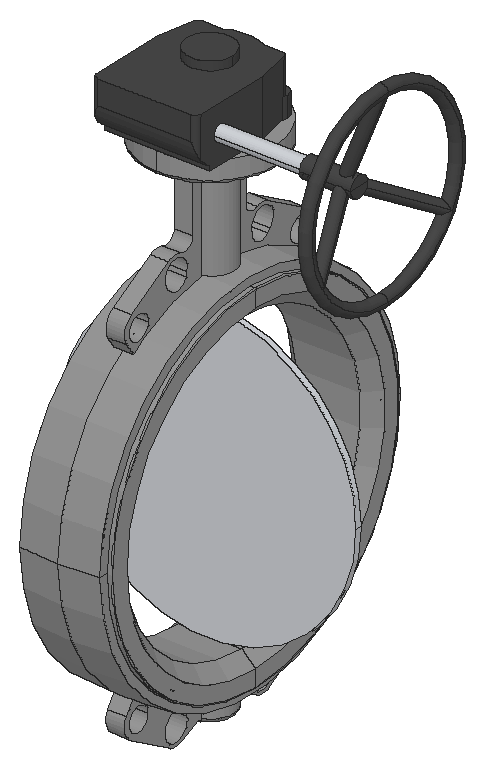
Revit family "HERZ Isolating Butterfly Valves ZF-4219 with lever", category Rohrzubehör, Revit 2018
Family settings
  Bemaßung runder Anschluss = Durchmesser verwenden
  Teiletyp = Unterbricht
  Arbeitsebenenbasiert = Nein
  Immer vertikal = Ja
  Beim Laden mit Abzugskörper schneiden = Nein
  Gemeinsam genutzt = Nein
Parameters
  Weight [instance] = size_lookup("4219_ZF_G", "M", 37.6, Nennweite)  # 37.6
  URL = "www.herzvalves.com"
  Spindle = "stainless steel ASTM-A276 / Type 316"  # constant formula
  Screws PN16 [instance] = if(Nennweite = 50 mm, "4x M16x100", if(Nennweite = 65 mm, "4x M16x100", if(Nennweite = 80 mm, "8x M16x100", if(Nennweite = 100 mm, "8x M16x110", if(Nennweite = 125 mm, "8x M16x120", if(Nennweite = 150 mm, "8x M20x120", if(Nennweite = 200 mm, "12x M20x130", if(Nennweite = 250 mm, "12x M24x140", "12x M24x160"))))))))  # "12x M24x160"
  Screws PN 6 [instance] = if(Nennweite = 50 mm, "4x M12x100", if(Nennweite = 65 mm, "4x M12x100", if(Nennweite = 80 mm, "4x M16x100", if(Nennweite = 100 mm, "4x M16x100", if(Nennweite = 125 mm, "8x M16x110", if(Nennweite = 150 mm, "8x M16x110", if(Nennweite = 200 mm, "--", if(Nennweite = 250 mm, "12x M16x130", "12xM16x140"))))))))  # "12xM16x140"
  Screws PN10 [instance] = if(Nennweite = 50 mm, "4x M16x100", if(Nennweite = 65 mm, "4x M16x100", if(Nennweite = 80 mm, "4x M16x100", if(Nennweite = 100 mm, "4x M16x110", if(Nennweite = 125 mm, "8x M16x120", if(Nennweite = 150 mm, "8x M20x120", if(Nennweite = 200 mm, "8x M20x130", if(Nennweite = 250 mm, "12x M20x130", "12x M20x150"))))))))  # "12x M20x150"
  SCTWSEQ = "FW;SBT_TYP_FW=\"101\";2"
  SCTWCODE = "04;07;02"  # constant formula
  SCRNSEQ = "ARM;ARM_TYP=\"ALLF\";2"
  SCRNCODE = "05;13;02"  # constant formula
  R_Dichtung = 1.5 mm  # constant formula
  Part number [instance] = size_lookup("4219_ZF_G", "Artnr", 1421901, Nennweite)  # 1421969
  PN16 [instance] = or(Nennweite = 50 mm, Nennweite = 65 mm, Nennweite = 80 mm, Nennweite = 100 mm, Nennweite = 125 mm, Nennweite = 150 mm, Nennweite = 200 mm, Nennweite = 250 mm, Nennweite = 300 mm)  # yes
  PN10 [instance] = or(Nennweite = 50 mm, Nennweite = 65 mm, Nennweite = 80 mm, Nennweite = 100 mm, Nennweite = 125 mm, Nennweite = 150 mm, Nennweite = 200 mm, Nennweite = 250 mm, Nennweite = 300 mm)  # yes
  PN 6 [instance] = or(Nennweite = 50 mm, Nennweite = 65 mm, Nennweite = 80 mm, Nennweite = 100 mm, Nennweite = 125 mm, Nennweite = 150 mm, Nennweite = 250 mm, Nennweite = 300 mm)  # yes
  PN [instance] = 16  # constant formula
  O-Ring = "EPDM according to ISO 1691"  # constant formula
  Nennweite [instance] = 300 mm
  Min. operating temperature = "-20.00 °C with appropriate water-glycol mixture"  # constant formula
  Medium = "Heating water quality according ÖNORM H5195 or VDI-Standard 2035. The use of ethylene or propylene glycol in a\nmixing ratio 25- 50% is allowed."
  Max. operating temperature = 110 °C  # constant formula
  LO1 [instance] = R05 + 10 mm  # 193 mm
  L16 [instance] = L01 - L13  # 299 mm
  L15 [instance] = L01 + L12  # 328 mm
  L14 [instance] = size_lookup("4219_ZF_G", "L_14", 44.4 mm, Nennweite)  # 89.4 mm
  L13 [instance] = size_lookup("4219_ZF_G", "L_13", 15 mm, Nennweite)  # 9 mm
  L12 [instance] = size_lookup("4219_ZF_G", "L_12", 15 mm, Nennweite)  # 20 mm
  L11 [instance] = size_lookup("4219_ZF_G", "L_11", 15 mm, Nennweite)  # 23 mm
  L10 [instance] = size_lookup("4219_ZF_G", "L_10", 16 mm, Nennweite)  # 16 mm
  L09 [instance] = size_lookup("4219_ZF_G", "L9", 29 mm, Nennweite)  # 61 mm
  L08 [instance] = size_lookup("4219_ZF_G", "L8", 43 mm, Nennweite)  # 78 mm
  L07 [instance] = size_lookup("4219_ZF_G", "L7", 3.5 mm, Nennweite)  # 4.5 mm
  L06 [instance] = size_lookup("4219_ZF_G", "L6", 18 mm, Nennweite)  # 44 mm
  L05 [instance] = size_lookup("4219_ZF_G", "L5", 35 mm, Nennweite)  # 67 mm
  L04 [instance] = size_lookup("4219_ZF_G", "L4", 35 mm, Nennweite)  # 17.5 mm
  L03 [instance] = size_lookup("4219_ZF_G", "L3", 35 mm, Nennweite)  # 207.5 mm
  L02 [instance] = size_lookup("4219_ZF_G", "L2", 35 mm, Nennweite)  # 122 mm
  L01 [instance] = size_lookup("4219_ZF_G", "L1", 35 mm, Nennweite)  # 308 mm
  Hersteller = "HERZ Armaturen Ges.m.b.H."  # constant formula
  H [instance] = size_lookup("4219_ZF_G", "H1", 9 mm, Nennweite)  # 22 mm
  Flange = "according to EN1092-2"  # constant formula
  Einbaudatum [instance] = ""
  Troque in Nm [instance] = size_lookup("4219_ZF_G", "NM", 350, Nennweite)  # 350
  Disc = "stainless steel 1.4408"  # constant formula
  DN300 [instance] = Nennweite = 300 mm  # yes
  DN250 [instance] = Nennweite = 250 mm  # no
  DN200 [instance] = Nennweite = 200 mm  # no
  DN150 [instance] = Nennweite = 150 mm  # no
  DN125 [instance] = Nennweite = 125 mm  # no
  DN100 [instance] = Nennweite = 100 mm  # no
  DN 80 [instance] = Nennweite = 80 mm  # no
  DN 65 [instance] = Nennweite = 65 mm  # no
  DN 50 [instance] = Nennweite = 50 mm  # no
  Chargennummer [instance] = ""
  Body sealing = "EPDM according to ISO 1691"  # constant formula
  Body = "GG, GJL-250/JL1040, according to EN1561"  # constant formula
  BD [instance] = size_lookup("4219_ZF_G", "DB", 24 mm, Nennweite)  # 290 mm
  D09 [instance] = size_lookup("4219_ZF_G", "D9", 24 mm, Nennweite)  # 145 mm
  D08 [instance] = size_lookup("4219_ZF_G", "D8", 47 mm, Nennweite)  # 18 mm
  D07 [instance] = size_lookup("4219_ZF_G", "D7", 47 mm, Nennweite)  # 37.5 mm
  D06 [instance] = size_lookup("4219_ZF_G", "D6", 47 mm, Nennweite)  # 65 mm
  R05 [instance] = size_lookup("4219_ZF_G", "D5", 47 mm, Nennweite)  # 183 mm
  D05 [instance] = R05 * 2  # 366 mm
  D04 [instance] = size_lookup("4219_ZF_G", "D4", 41 mm, Nennweite)  # 175 mm
  D03 [instance] = size_lookup("4219_ZF_G", "D3", 35.5 mm, Nennweite)  # 167.5 mm
  R01 [instance] = size_lookup("4219_ZF_G", "D1", 28 mm, Nennweite)  # 154.5 mm
  R02 [instance] = size_lookup("4219_ZF_G", "D2", 30 mm, Nennweite)  # 156.5 mm
  Application = "Suitable for fluids in building services, cold water systems, hot water saystems, etc."
Reference planes
  plane 1 "Mitte (Vorne/hinten)": y = 0
  plane 2: z = 0
  plane 3 "Mitte (Links/rechts)": x = 0
Forms (mm)
  Revolve 1, solid, material "Herz-Metall-blau", detail levels fine
    sketch origin (0, 0, 0) x (1, 0, 0) y (0, 1, 0)
      loop
        line (0, 185.241) -> (-39, 183) -> (-39, 175) -> (-30.5, 175) -> (-30.5, 167.5) -> (-32, 167.5)
        arc (-32, 167.5) -> (-33.061, 167.061) -> (-33.5, 166) r 1.5
        line (-33.5, 166) -> (-33.5, 156.824)
        arc (-33.5, 156.824) -> (-33.229, 155.964) -> (-32.513, 155.415) r 1.5
        line (-32.513, 155.415) -> (-29, 154.5) -> (-22, 154.5) -> (-22, 156.5) -> (22, 156.5) -> (22, 154.5) -> (29, 154.5) -> (32.513, 155.415)
        arc (32.513, 155.415) -> (33.229, 155.964) -> (33.5, 156.824) r 1.5
        line (33.5, 156.824) -> (33.5, 166)
        arc (33.5, 166) -> (33.061, 167.061) -> (32, 167.5) r 1.5
        line (32, 167.5) -> (30.5, 167.5) -> (30.5, 175) -> (39, 175) -> (39, 183) -> (0, 185.241)
      axis (39, 0) -> (-39, 0)
    angle from 0 to 360
  Extrusion 2, solid, material "Herz-Metall-blau", visible <- "DN 50", detail levels fine
    sketch origin (0, 0, 0) x (0, 1, 0) y (0, 0, 1)
      loop
        line (20, 54.051) -> (20.008, 111.113) -> (16.897, 110.952)
        arc (16.897, 110.952) -> (15.55, 110.331) -> (15, 108.954) r 2
        line (15, 108.954) -> (15, 44.542)
        arc (15, 44.542) -> (31.465, 34.913) -> (42.748, 19.534) r 47
        arc (42.748, 19.534) -> (42.633, 20.873) -> (43.392, 21.983) r 2
        line (43.392, 21.983) -> (54.714, 30.209)
        arc (54.714, 30.209) -> (56.569, 56.569) -> (30.209, 54.714) r 17.5
        line (30.209, 54.714) -> (27.87, 51.494)
        arc (27.87, 51.494) -> (23.006, 49.914) -> (20, 54.051) r 4.35
      loop
        arc (32.065, 41.998) -> (33.588, 33.588) -> (41.998, 32.065) r 7.5
        line (41.998, 32.065) -> (48.502, 35.17)
        arc (48.502, 35.17) -> (51.265, 51.265) -> (35.17, 48.502) r 10
        line (35.17, 48.502) -> (32.065, 41.998)
      loop
        arc (-20, 54.051) -> (-23.006, 49.914) -> (-27.87, 51.494) r 4.35
        line (-27.87, 51.494) -> (-30.209, 54.714)
        arc (-30.209, 54.714) -> (-56.569, 56.569) -> (-54.714, 30.209) r 17.5
        line (-54.714, 30.209) -> (-43.392, 21.983)
        arc (-43.392, 21.983) -> (-42.633, 20.873) -> (-42.748, 19.534) r 2
        arc (-42.748, 19.534) -> (-31.465, 34.913) -> (-15, 44.542) r 47
        line (-15, 44.542) -> (-15, 108.954)
        arc (-15, 108.954) -> (-15.55, 110.331) -> (-16.897, 110.952) r 2
        line (-16.897, 110.952) -> (-20.008, 111.113) -> (-20, 54.051)
      loop
        line (-32.065, 41.998) -> (-35.17, 48.502)
        arc (-35.17, 48.502) -> (-51.265, 51.265) -> (-48.502, 35.17) r 10
        line (-48.502, 35.17) -> (-41.998, 32.065)
        arc (-41.998, 32.065) -> (-33.588, 33.588) -> (-32.065, 41.998) r 7.5
      loop
        line (32.065, -41.998) -> (35.17, -48.502)
        arc (35.17, -48.502) -> (51.265, -51.265) -> (48.502, -35.17) r 10
        line (48.502, -35.17) -> (41.998, -32.065)
        arc (41.998, -32.065) -> (33.588, -33.588) -> (32.065, -41.998) r 7.5
      loop
        line (54.714, -30.209) -> (43.392, -21.983)
        arc (43.392, -21.983) -> (42.633, -20.873) -> (42.748, -19.534) r 2
        arc (42.748, -19.534) -> (33.234, -33.234) -> (19.534, -42.748) r 47
        arc (19.534, -42.748) -> (20.873, -42.633) -> (21.983, -43.392) r 2
        line (21.983, -43.392) -> (30.209, -54.714)
        arc (30.209, -54.714) -> (56.569, -56.569) -> (54.714, -30.209) r 17.5
      loop
        arc (-32.065, -41.998) -> (-33.588, -33.588) -> (-41.998, -32.065) r 7.5
        line (-41.998, -32.065) -> (-48.502, -35.17)
        arc (-48.502, -35.17) -> (-51.265, -51.265) -> (-35.17, -48.502) r 10
        line (-35.17, -48.502) -> (-32.065, -41.998)
      loop
        arc (-54.714, -30.209) -> (-56.569, -56.569) -> (-30.209, -54.714) r 17.5
        line (-30.209, -54.714) -> (-21.983, -43.392)
        arc (-21.983, -43.392) -> (-20.873, -42.633) -> (-19.534, -42.748) r 2
        arc (-19.534, -42.748) -> (-33.234, -33.234) -> (-42.748, -19.534) r 47
        arc (-42.748, -19.534) -> (-42.633, -20.873) -> (-43.392, -21.983) r 2
        line (-43.392, -21.983) -> (-54.714, -30.209)
    from -4.5 to 4.5
  Extrusion 3, solid, material "Herz-Metall-blau", visible <- "DN 65", detail levels fine
    sketch origin (0, 0, 0) x (0, 1, 0) y (0, 0, 1)
      loop
        arc (51.659, 21.619) -> (51.541, 22.778) -> (52.089, 23.805) r 2
        line (52.089, 23.805) -> (65.407, 37.123)
        arc (65.407, 37.123) -> (65.407, 65.407) -> (37.123, 65.407) r 20
        line (37.123, 65.407) -> (29.414, 57.699)
        arc (29.414, 57.699) -> (27.235, 57.265) -> (26, 59.113) r 2
        line (26, 59.113) -> (26, 136.154) -> (19.897, 135.838)
        arc (19.897, 135.838) -> (18.55, 135.218) -> (18, 133.841) r 2
        line (18, 133.841) -> (18, 53.028)
        arc (18, 53.028) -> (38.206, 40.942) -> (51.659, 21.619) r 56
      loop
        arc (55.637, 42.831) -> (57.983, 57.983) -> (42.831, 55.637) r 9.5
        line (42.831, 55.637) -> (39.647, 48.983)
        arc (39.647, 48.983) -> (41.012, 41.012) -> (48.983, 39.647) r 7
        line (48.983, 39.647) -> (55.637, 42.831)
      loop
        arc (51.659, -21.619) -> (39.598, -39.598) -> (21.619, -51.659) r 56
        arc (21.619, -51.659) -> (22.778, -51.541) -> (23.805, -52.089) r 2
        line (23.805, -52.089) -> (37.123, -65.407)
        arc (37.123, -65.407) -> (65.407, -65.407) -> (65.407, -37.123) r 20
        line (65.407, -37.123) -> (52.089, -23.805)
        arc (52.089, -23.805) -> (51.541, -22.778) -> (51.659, -21.619) r 2
      loop
        line (55.637, -42.831) -> (48.983, -39.647)
        arc (48.983, -39.647) -> (41.012, -41.012) -> (39.647, -48.983) r 7
        line (39.647, -48.983) -> (42.831, -55.637)
        arc (42.831, -55.637) -> (57.983, -57.983) -> (55.637, -42.831) r 9.5
      loop
        arc (-51.659, -21.619) -> (-51.541, -22.778) -> (-52.089, -23.805) r 2
        line (-52.089, -23.805) -> (-65.407, -37.123)
        arc (-65.407, -37.123) -> (-65.407, -65.407) -> (-37.123, -65.407) r 20
        line (-37.123, -65.407) -> (-23.805, -52.089)
        arc (-23.805, -52.089) -> (-22.778, -51.541) -> (-21.619, -51.659) r 2
        arc (-21.619, -51.659) -> (-39.598, -39.598) -> (-51.659, -21.619) r 56
      loop
        arc (-55.637, -42.831) -> (-57.983, -57.983) -> (-42.831, -55.637) r 9.5
        line (-42.831, -55.637) -> (-39.647, -48.983)
        arc (-39.647, -48.983) -> (-41.012, -41.012) -> (-48.983, -39.647) r 7
        line (-48.983, -39.647) -> (-55.637, -42.831)
      loop
        arc (-51.659, 21.619) -> (-38.206, 40.942) -> (-18, 53.028) r 56
        line (-18, 53.028) -> (-18, 133.838)
        arc (-18, 133.838) -> (-18.55, 135.215) -> (-19.897, 135.835) r 2
        line (-19.897, 135.835) -> (-26, 136.151) -> (-26, 59.113)
        arc (-26, 59.113) -> (-27.235, 57.265) -> (-29.414, 57.699) r 2
        line (-29.414, 57.699) -> (-37.123, 65.407)
        arc (-37.123, 65.407) -> (-65.407, 65.407) -> (-65.407, 37.123) r 20
        line (-65.407, 37.123) -> (-52.089, 23.805)
        arc (-52.089, 23.805) -> (-51.541, 22.778) -> (-51.659, 21.619) r 2
      loop
        line (-55.637, 42.831) -> (-48.983, 39.647)
        arc (-48.983, 39.647) -> (-41.012, 41.012) -> (-39.647, 48.983) r 7
        line (-39.647, 48.983) -> (-42.831, 55.637)
        arc (-42.831, 55.637) -> (-57.983, 57.983) -> (-55.637, 42.831) r 9.5
    from -4.5 to 4.5
  Extrusion 4, solid, material "Herz-Metall-blau", visible <- "DN 80", detail levels fine
    sketch origin (0, 0, 0) x (0, 1, 0) y (0, 0, 1)
      loop
        line (26, 143.161) -> (20.397, 142.871)
        arc (20.397, 142.871) -> (19.05, 142.251) -> (18.5, 140.874) r 2
        line (18.5, 140.874) -> (18.5, 62.833)
        arc (18.5, 62.833) -> (41.296, 50.842) -> (57.706, 30.989) r 65.5
        arc (57.706, 30.989) -> (57.482, 32.176) -> (57.983, 33.275) r 2
        line (57.983, 33.275) -> (67.23, 43.52)
        arc (67.23, 43.52) -> (70.328, 54.798) -> (65.407, 65.407) r 17
        line (65.407, 65.407) -> (42.005, 86.53)
        arc (42.005, 86.53) -> (37.832, 89.302) -> (33.031, 90.738) r 17
        arc (33.031, 90.738) -> (27.974, 93.895) -> (26, 99.52) r 9
        line (26, 99.52) -> (26, 143.161)
      loop
        circle (30.615, 73.91) r 9.5
      loop
        circle (53.387, 53.387) r 9.5
      loop
        arc (57.706, -30.989) -> (41.296, -50.842) -> (18.5, -62.833) r 65.5
        line (18.5, -62.833) -> (18.5, -85.837)
        arc (18.5, -85.837) -> (30.113, -90.903) -> (42.005, -86.53) r 17
        line (42.005, -86.53) -> (65.407, -65.407)
        arc (65.407, -65.407) -> (70.328, -54.798) -> (67.23, -43.52) r 17
        line (67.23, -43.52) -> (57.983, -33.275)
        arc (57.983, -33.275) -> (57.482, -32.176) -> (57.706, -30.989) r 2
      loop
        circle (30.615, -73.91) r 9.5
      loop
        circle (53.387, -53.387) r 9.5
      loop
        arc (-57.706, -30.989) -> (-57.482, -32.176) -> (-57.983, -33.275) r 2
        line (-57.983, -33.275) -> (-67.23, -43.52)
        arc (-67.23, -43.52) -> (-70.328, -54.798) -> (-65.407, -65.407) r 17
        line (-65.407, -65.407) -> (-42.005, -86.53)
        arc (-42.005, -86.53) -> (-30.113, -90.903) -> (-18.5, -85.837) r 17
        line (-18.5, -85.837) -> (-18.5, -62.833)
        arc (-18.5, -62.833) -> (-41.296, -50.842) -> (-57.706, -30.989) r 65.5
      loop
        circle (-30.615, -73.91) r 9.5
      loop
        circle (-53.387, -53.387) r 9.5
      loop
        line (-26, 143.179) -> (-26, 99.52)
        arc (-26, 99.52) -> (-27.974, 93.895) -> (-33.031, 90.738) r 9
        arc (-33.031, 90.738) -> (-37.832, 89.302) -> (-42.005, 86.53) r 17
        line (-42.005, 86.53) -> (-65.407, 65.407)
        arc (-65.407, 65.407) -> (-70.328, 54.798) -> (-67.23, 43.52) r 17
        line (-67.23, 43.52) -> (-57.983, 33.275)
        arc (-57.983, 33.275) -> (-57.482, 32.176) -> (-57.706, 30.989) r 2
        arc (-57.706, 30.989) -> (-41.296, 50.842) -> (-18.5, 62.833) r 65.5
        line (-18.5, 62.833) -> (-18.5, 140.891)
        arc (-18.5, 140.891) -> (-19.05, 142.268) -> (-20.397, 142.888) r 2
        line (-20.397, 142.888) -> (-26, 143.179)
      loop
        circle (-30.615, 73.91) r 9.5
      loop
        circle (-53.387, 53.387) r 9.5
    from -4.5 to 4.5
  Extrusion 5, solid, material "Herz-Metall-blau", visible <- "DN100", detail levels fine
    sketch origin (0, 0, 0) x (0, 1, 0) y (0, 0, 1)
      loop
        line (64.131, 38.887) -> (73.681, 49.873)
        arc (73.681, 49.873) -> (77.063, 61.29) -> (72.125, 72.125) r 17
        line (72.125, 72.125) -> (45.809, 95.79)
        arc (45.809, 95.79) -> (41.366, 98.675) -> (36.25, 100.053) r 17
        arc (36.25, 100.053) -> (28.882, 104.596) -> (26, 112.759) r 13
        line (26, 112.759) -> (26, 166.173) -> (20.397, 165.883)
        arc (20.397, 165.883) -> (19.05, 165.263) -> (18.5, 163.886) r 2
        line (18.5, 163.886) -> (18.5, 72.683)
        arc (18.5, 72.683) -> (44.637, 60.27) -> (64.131, 38.887) r 75
      loop
        circle (60.104, 60.104) r 9.5
      loop
        circle (34.442, 83.149) r 9.5
      loop
        arc (64.131, -38.887) -> (44.637, -60.27) -> (18.5, -72.683) r 75
        line (18.5, -72.683) -> (18.5, -95.329)
        arc (18.5, -95.329) -> (21.473, -95.603) -> (24.233, -96.743) r 10
        arc (24.233, -96.743) -> (35.191, -100.133) -> (45.809, -95.79) r 17
        line (45.809, -95.79) -> (72.125, -72.125)
        arc (72.125, -72.125) -> (77.063, -61.29) -> (73.681, -49.873) r 17
        line (73.681, -49.873) -> (64.131, -38.887)
      loop
        circle (60.104, -60.104) r 9.5
      loop
        circle (34.442, -83.149) r 9.5
      loop
        line (-64.131, -38.887) -> (-73.681, -49.873)
        arc (-73.681, -49.873) -> (-77.063, -61.29) -> (-72.125, -72.125) r 17
        line (-72.125, -72.125) -> (-45.809, -95.79)
        arc (-45.809, -95.79) -> (-35.191, -100.133) -> (-24.233, -96.743) r 17
        arc (-24.233, -96.743) -> (-21.473, -95.603) -> (-18.5, -95.329) r 10
        line (-18.5, -95.329) -> (-18.5, -72.683)
        arc (-18.5, -72.683) -> (-44.637, -60.27) -> (-64.131, -38.887) r 75
      loop
        circle (-60.104, -60.104) r 9.5
      loop
        circle (-34.442, -83.149) r 9.5
      loop
        arc (-64.131, 38.887) -> (-44.637, 60.27) -> (-18.5, 72.683) r 75
        line (-18.5, 72.683) -> (-18.5, 163.876)
        arc (-18.5, 163.876) -> (-19.05, 165.253) -> (-20.397, 165.873) r 2
        line (-20.397, 165.873) -> (-26, 166.164) -> (-26, 112.759)
        arc (-26, 112.759) -> (-28.882, 104.596) -> (-36.25, 100.053) r 13
        arc (-36.25, 100.053) -> (-41.366, 98.675) -> (-45.809, 95.79) r 17
        line (-45.809, 95.79) -> (-72.125, 72.125)
        arc (-72.125, 72.125) -> (-77.063, 61.29) -> (-73.681, 49.873) r 17
        line (-73.681, 49.873) -> (-64.131, 38.887)
      loop
        circle (-60.104, 60.104) r 9.5
      loop
        circle (-34.442, 83.149) r 9.5
    from -4.5 to 4.5
  Extrusion 6, solid, material "Herz-Metall-blau", visible <- "DN125", detail levels fine
    sketch origin (0, 0, 0) x (0, 1, 0) y (0, 0, 1)
      loop
        arc (75.229, 48.945) -> (74.917, 50.244) -> (75.492, 51.45) r 2
        line (75.492, 51.45) -> (82.731, 58.69)
        arc (82.731, 58.69) -> (87.711, 70.711) -> (82.731, 82.731) r 17
        line (82.731, 82.731) -> (51.291, 109.875)
        arc (51.291, 109.875) -> (46.108, 112.941) -> (40.182, 114.007) r 17
        line (40.182, 114.007) -> (38, 114.007)
        arc (38, 114.007) -> (29.515, 117.522) -> (26, 126.007) r 12
        line (26, 126.007) -> (26, 185.157) -> (20.397, 184.867)
        arc (20.397, 184.867) -> (19.05, 184.246) -> (18.5, 182.869) r 2
        line (18.5, 182.869) -> (18.5, 87.823)
        arc (18.5, 87.823) -> (50.736, 74.033) -> (75.229, 48.945) r 89.75
      loop
        circle (40.182, 97.007) r 9.5
      loop
        circle (70.711, 70.711) r 9.5
      loop
        arc (75.229, -48.945) -> (50.736, -74.033) -> (18.5, -87.823) r 89.75
        line (18.5, -87.823) -> (18.5, -108.431)
        arc (18.5, -108.431) -> (24.248, -107.655) -> (29.46, -110.2) r 10
        arc (29.46, -110.2) -> (40.434, -114.005) -> (51.291, -109.875) r 17
        line (51.291, -109.875) -> (82.731, -82.731)
        arc (82.731, -82.731) -> (87.711, -70.711) -> (82.731, -58.69) r 17
        line (82.731, -58.69) -> (75.492, -51.45)
        arc (75.492, -51.45) -> (74.917, -50.244) -> (75.229, -48.945) r 2
      loop
        circle (40.182, -97.007) r 9.5
      loop
        circle (70.711, -70.711) r 9.5
      loop
        arc (-75.229, -48.945) -> (-74.917, -50.244) -> (-75.492, -51.45) r 2
        line (-75.492, -51.45) -> (-82.731, -58.69)
        arc (-82.731, -58.69) -> (-87.711, -70.711) -> (-82.731, -82.731) r 17
        line (-82.731, -82.731) -> (-51.291, -109.875)
        arc (-51.291, -109.875) -> (-40.434, -114.005) -> (-29.46, -110.2) r 17
        arc (-29.46, -110.2) -> (-24.248, -107.655) -> (-18.5, -108.431) r 10
        line (-18.5, -108.431) -> (-18.5, -87.823)
        arc (-18.5, -87.823) -> (-50.736, -74.033) -> (-75.229, -48.945) r 89.75
      loop
        circle (-40.182, -97.007) r 9.5
      loop
        circle (-70.711, -70.711) r 9.5
      loop
        arc (-75.229, 48.945) -> (-50.736, 74.033) -> (-18.5, 87.823) r 89.75
        line (-18.5, 87.823) -> (-18.5, 182.852)
        arc (-18.5, 182.852) -> (-19.05, 184.23) -> (-20.397, 184.85) r 2
        line (-20.397, 184.85) -> (-26, 185.14) -> (-26, 126.007)
        arc (-26, 126.007) -> (-29.515, 117.522) -> (-38, 114.007) r 12
        line (-38, 114.007) -> (-40.182, 114.007)
        arc (-40.182, 114.007) -> (-46.108, 112.941) -> (-51.291, 109.875) r 17
        line (-51.291, 109.875) -> (-82.731, 82.731)
        arc (-82.731, 82.731) -> (-87.711, 70.711) -> (-82.731, 58.69) r 17
        line (-82.731, 58.69) -> (-75.492, 51.45)
        arc (-75.492, 51.45) -> (-74.917, 50.244) -> (-75.229, 48.945) r 2
      loop
        circle (-40.182, 97.007) r 9.5
      loop
        circle (-70.711, 70.711) r 9.5
    from -6 to 6
  Extrusion 7, solid, material "Herz-Metall-blau", visible <- "DN150", detail levels fine
    sketch origin (0, 0, 0) x (0, 1, 0) y (0, 0, 1)
      loop
        line (83.495, 59.454) -> (91.57, 67.529)
        arc (91.57, 67.529) -> (96.55, 79.55) -> (91.57, 91.57) r 17
        line (91.57, 91.57) -> (57.511, 123.304)
        arc (57.511, 123.304) -> (45.758, 127.865) -> (34.095, 123.077) r 17
        arc (34.095, 123.077) -> (28.976, 122.416) -> (26, 126.633) r 5
        line (26, 126.633) -> (26, 198.177) -> (20.397, 197.887)
        arc (20.397, 197.887) -> (19.05, 197.267) -> (18.5, 195.889) r 2
        line (18.5, 195.889) -> (18.5, 100.817)
        arc (18.5, 100.817) -> (55.032, 86.474) -> (83.495, 59.454) r 102.5
      loop
        circle (45.922, 110.866) r 11.5
      loop
        circle (79.55, 79.55) r 9.5
      loop
        circle (45.922, -110.866) r 11.5
      loop
        circle (79.55, -79.55) r 9.5
      loop
        line (91.57, -67.529) -> (83.495, -59.454)
        arc (83.495, -59.454) -> (55.032, -86.474) -> (18.5, -100.817) r 102.5
        line (18.5, -100.817) -> (18.5, -123.208)
        arc (18.5, -123.208) -> (19.363, -121.755) -> (21.03, -121.482) r 2
        line (21.03, -121.482) -> (42.642, -127.546)
        arc (42.642, -127.546) -> (50.587, -127.213) -> (57.511, -123.304) r 17
        line (57.511, -123.304) -> (91.57, -91.57)
        arc (91.57, -91.57) -> (96.55, -79.55) -> (91.57, -67.529) r 17
      loop
        arc (-83.495, 59.454) -> (-55.032, 86.474) -> (-18.5, 100.817) r 102.5
        line (-18.5, 100.817) -> (-18.5, 195.875)
        arc (-18.5, 195.875) -> (-19.05, 197.252) -> (-20.397, 197.872) r 2
        line (-20.397, 197.872) -> (-26, 198.163) -> (-26, 126.633)
        arc (-26, 126.633) -> (-28.976, 122.416) -> (-34.095, 123.077) r 5
        arc (-34.095, 123.077) -> (-45.758, 127.865) -> (-57.511, 123.304) r 17
        line (-57.511, 123.304) -> (-91.57, 91.57)
        arc (-91.57, 91.57) -> (-96.55, 79.55) -> (-91.57, 67.529) r 17
        line (-91.57, 67.529) -> (-83.495, 59.454)
      loop
        circle (-45.922, 110.866) r 11.5
      loop
        circle (-79.55, 79.55) r 9.5
      loop
        circle (-45.922, -110.866) r 11.5
      loop
        circle (-79.55, -79.55) r 9.5
      loop
        arc (-91.57, -67.529) -> (-96.55, -79.55) -> (-91.57, -91.57) r 17
        line (-91.57, -91.57) -> (-57.511, -123.304)
        arc (-57.511, -123.304) -> (-50.587, -127.213) -> (-42.642, -127.546) r 17
        line (-42.642, -127.546) -> (-21.03, -121.482)
        arc (-21.03, -121.482) -> (-19.363, -121.755) -> (-18.5, -123.208) r 2
        line (-18.5, -123.208) -> (-18.5, -100.817)
        arc (-18.5, -100.817) -> (-55.032, -86.474) -> (-83.495, -59.454) r 102.5
        line (-83.495, -59.454) -> (-91.57, -67.529)
    from -7 to 7
  Extrusion 8, solid, material "Herz-Metall-blau", visible <- "DN200", detail levels fine
    sketch origin (0, 0, 0) x (0, 1, 0) y (0, 0, 1)
      loop
        arc (42.048, 153.832) -> (26.654, 145.827) -> (35.349, 130.812) r 12
        line (35.349, 130.812) -> (53.31, 124.689)
        arc (53.31, 124.689) -> (67.804, 132.4) -> (61.038, 147.359) r 12
        line (61.038, 147.359) -> (42.048, 153.832)
      loop
        line (28, 226.273) -> (22.065, 226.047)
        arc (22.065, 226.047) -> (20.655, 225.469) -> (20, 224.092) r 2.114
        line (20, 224.092) -> (20, 129.471)
        arc (20, 129.471) -> (49.604, 121.273) -> (76.485, 106.406) r 130.989
        line (76.485, 106.406) -> (76.485, 136.265)
        arc (76.485, 136.265) -> (73.108, 147.391) -> (64.117, 154.764) r 20.019
        line (64.117, 154.764) -> (38.16, 163.592)
        arc (38.16, 163.592) -> (30.802, 169.06) -> (28, 177.79) r 15
        line (28, 177.79) -> (28, 226.273)
      loop
        line (42.048, -153.832) -> (61.038, -147.359)
        arc (61.038, -147.359) -> (67.804, -132.4) -> (53.31, -124.689) r 12
        line (53.31, -124.689) -> (35.349, -130.812)
        arc (35.349, -130.812) -> (26.654, -145.827) -> (42.048, -153.832) r 12
      loop
        arc (76.446, -106.382) -> (49.585, -121.253) -> (20, -129.464) r 131
        line (20, -129.464) -> (20, -141.835)
        arc (20, -141.835) -> (28.361, -158.099) -> (46.453, -160.765) r 20
        line (46.453, -160.765) -> (64.099, -154.75)
        arc (64.099, -154.75) -> (73.075, -147.384) -> (76.446, -136.272) r 20
        line (76.446, -136.272) -> (76.446, -106.382)
      loop
        arc (-42.048, -153.832) -> (-26.654, -145.827) -> (-35.349, -130.812) r 12
        line (-35.349, -130.812) -> (-53.31, -124.689)
        arc (-53.31, -124.689) -> (-67.804, -132.4) -> (-61.038, -147.359) r 12
        line (-61.038, -147.359) -> (-42.048, -153.832)
      loop
        line (-76.446, -106.382) -> (-76.446, -136.272)
        arc (-76.446, -136.272) -> (-73.075, -147.384) -> (-64.099, -154.75) r 20
        line (-64.099, -154.75) -> (-46.453, -160.765)
        arc (-46.453, -160.765) -> (-28.361, -158.099) -> (-20, -141.835) r 20
        line (-20, -141.835) -> (-20, -129.464)
        arc (-20, -129.464) -> (-49.585, -121.253) -> (-76.446, -106.382) r 131
      loop
        line (-42.048, 153.832) -> (-61.038, 147.359)
        arc (-61.038, 147.359) -> (-67.804, 132.4) -> (-53.31, 124.689) r 12
        line (-53.31, 124.689) -> (-35.349, 130.812)
        arc (-35.349, 130.812) -> (-26.654, 145.827) -> (-42.048, 153.832) r 12
      loop
        line (-28, 226.278) -> (-28, 177.79)
        arc (-28, 177.79) -> (-30.802, 169.06) -> (-38.16, 163.592) r 15
        line (-38.16, 163.592) -> (-64.117, 154.764)
        arc (-64.117, 154.764) -> (-73.108, 147.391) -> (-76.485, 136.265) r 20.019
        line (-76.485, 136.265) -> (-76.485, 106.406)
        arc (-76.485, 106.406) -> (-49.604, 121.273) -> (-20, 129.471) r 130.989
        line (-20, 129.471) -> (-20, 224.098)
        arc (-20, 224.098) -> (-20.655, 225.475) -> (-22.065, 226.053) r 2.114
        line (-22.065, 226.053) -> (-28, 226.278)
    from -7 to 7
  Extrusion 9, solid, material "Herz-Metall-blau", visible <- "DN250", detail levels fine
    sketch origin (0, 0, 0) x (0, 1, 0) y (0, 0, 1)
      loop
        arc (-95.9, 125.382) -> (-61.406, 145.382) -> (-23, 156.095) r 157.75
        line (-23, 156.095) -> (-23, 258.814)
        arc (-23, 258.814) -> (-23.588, 260.113) -> (-24.893, 260.69) r 2
        line (-24.893, 260.69) -> (-32, 261.058) -> (-32, 187.712)
        arc (-32, 187.712) -> (-33.507, 185.205) -> (-36.428, 185.359) r 2.84
        arc (-36.428, 185.359) -> (-43.951, 188.152) -> (-51.918, 187.184) r 17
        line (-51.918, 187.184) -> (-97.072, 155.872)
        arc (-97.072, 155.872) -> (-100.207, 149.167) -> (-100.195, 141.765) r 17
        line (-100.195, 141.765) -> (-95.9, 125.382)
      loop
        circle (-83.608, 145.492) r 9.5
      loop
        circle (-45.549, 171.269) r 14
      loop
        arc (96.192, -125.349) -> (61.575, -145.51) -> (23, -156.317) r 157.999
        line (23, -156.317) -> (23, -181.388) -> (27.217, -181.388)
        arc (27.217, -181.388) -> (30.142, -181.826) -> (32.812, -183.1) r 10
        line (32.812, -183.1) -> (36.428, -185.542)
        arc (36.428, -185.542) -> (44.468, -188.388) -> (52.878, -186.972) r 17
        line (52.878, -186.972) -> (97.463, -155.872)
        arc (97.463, -155.872) -> (100.598, -149.167) -> (100.586, -141.765) r 17
        line (100.586, -141.765) -> (96.192, -125.349)
      loop
        circle (84, -145.492) r 9.5
      loop
        circle (45.94, -171.452) r 14
      loop
        line (-96.192, -125.349) -> (-100.586, -141.765)
        arc (-100.586, -141.765) -> (-100.598, -149.167) -> (-97.463, -155.872) r 17
        line (-97.463, -155.872) -> (-52.878, -186.972)
        arc (-52.878, -186.972) -> (-44.468, -188.388) -> (-36.428, -185.542) r 17
        line (-36.428, -185.542) -> (-32.812, -183.1)
        arc (-32.812, -183.1) -> (-30.142, -181.826) -> (-27.217, -181.388) r 10
        line (-27.217, -181.388) -> (-23, -181.388) -> (-23, -156.317)
        arc (-23, -156.317) -> (-61.575, -145.51) -> (-96.192, -125.349) r 157.999
      loop
        circle (-84, -145.492) r 9.5
      loop
        circle (-45.94, -171.452) r 14
      loop
        line (95.9, 125.2) -> (100.195, 141.582)
        arc (100.195, 141.582) -> (100.207, 148.984) -> (97.072, 155.689) r 17
        line (97.072, 155.689) -> (51.919, 187.036)
        arc (51.919, 187.036) -> (43.952, 188.006) -> (36.428, 185.212) r 17
        arc (36.428, 185.212) -> (33.507, 185.058) -> (32, 187.566) r 2.84
        line (32, 187.566) -> (32, 261.045) -> (24.893, 260.677)
        arc (24.893, 260.677) -> (23.588, 260.1) -> (23, 258.801) r 2
        line (23, 258.801) -> (23, 155.948)
        arc (23, 155.948) -> (61.411, 145.223) -> (95.9, 125.2) r 157.605
      loop
        circle (83.608, 145.31) r 9.5
      loop
        circle (45.549, 171.122) r 14
    from -9 to 9
  Extrusion 10, solid, material "Herz-Metall-blau", visible <- "DN300", detail levels fine
    sketch origin (0, 0, 0) x (0, 1, 0) y (0, 0, 1)
      loop
        arc (62.57, 187.834) -> (56.268, 211.23) -> (39.112, 194.12) r 14
        line (39.112, 194.12) -> (40.223, 189.928)
        arc (40.223, 189.928) -> (48.374, 181.769) -> (59.504, 184.767) r 11.5
        line (59.504, 184.767) -> (62.57, 187.834)
      loop
        circle (98.337, 170.892) r 12
      loop
        arc (113.094, 162.454) -> (114.748, 175.326) -> (106.837, 185.615) r 17
        line (106.837, 185.615) -> (61.701, 211.919)
        arc (61.701, 211.919) -> (54.44, 214.463) -> (46.806, 213.516) r 16.852
        arc (46.806, 213.516) -> (36.904, 213.681) -> (32, 222.285) r 10
        line (32, 222.285) -> (32, 286.38) -> (24.895, 286.033)
        arc (24.895, 286.033) -> (23.576, 285.442) -> (23, 284.117) r 2
        line (23, 284.117) -> (23, 181.202)
        arc (23, 181.202) -> (65.613, 170.505) -> (104.437, 149.94) r 182.63
        line (104.437, 149.94) -> (113.094, 162.454)
      loop
        line (62.984, -188.142) -> (59.917, -185.075)
        arc (59.917, -185.075) -> (48.787, -182.077) -> (40.637, -190.235) r 11.5
        line (40.637, -190.235) -> (39.525, -194.427)
        arc (39.525, -194.427) -> (56.681, -211.538) -> (62.984, -188.142) r 14
      loop
        circle (98.75, -171.04) r 12
      loop
        line (113.508, -162.601) -> (104.75, -150.055)
        arc (104.75, -150.055) -> (65.787, -170.766) -> (23, -181.549) r 183
        line (23, -181.549) -> (23, -206.327)
        arc (23, -206.327) -> (24.157, -204.218) -> (26.558, -204.062) r 2.5
        line (26.558, -204.062) -> (45.918, -213.443)
        arc (45.918, -213.443) -> (53.906, -214.994) -> (61.701, -212.654) r 17
        line (61.701, -212.654) -> (107.25, -185.762)
        arc (107.25, -185.762) -> (115.162, -175.474) -> (113.508, -162.601) r 17
      loop
        arc (-62.984, -188.142) -> (-56.681, -211.538) -> (-39.525, -194.427) r 14
        line (-39.525, -194.427) -> (-40.637, -190.235)
        arc (-40.637, -190.235) -> (-48.787, -182.077) -> (-59.917, -185.075) r 11.5
        line (-59.917, -185.075) -> (-62.984, -188.142)
      loop
        circle (-98.75, -171.04) r 12
      loop
        arc (-113.508, -162.601) -> (-115.162, -175.474) -> (-107.25, -185.762) r 17
        line (-107.25, -185.762) -> (-61.701, -212.654)
        arc (-61.701, -212.654) -> (-53.906, -214.994) -> (-45.918, -213.443) r 17
        line (-45.918, -213.443) -> (-26.558, -204.062)
        arc (-26.558, -204.062) -> (-24.157, -204.218) -> (-23, -206.327) r 2.5
        line (-23, -206.327) -> (-23, -181.549)
        arc (-23, -181.549) -> (-65.787, -170.766) -> (-104.75, -150.055) r 183
        line (-104.75, -150.055) -> (-113.508, -162.601)
      loop
        line (-62.574, 188.142) -> (-59.508, 185.075)
        arc (-59.508, 185.075) -> (-48.378, 182.077) -> (-40.227, 190.235) r 11.5
        line (-40.227, 190.235) -> (-39.116, 194.427)
        arc (-39.116, 194.427) -> (-56.272, 211.538) -> (-62.574, 188.142) r 14
      loop
        circle (-98.34, 171.04) r 12
      loop
        line (-113.098, 162.601) -> (-104.44, 150.087)
        arc (-104.44, 150.087) -> (-65.611, 170.637) -> (-23, 181.326) r 182.753
        line (-23, 181.326) -> (-23, 284.115)
        arc (-23, 284.115) -> (-23.577, 285.441) -> (-24.896, 286.032) r 2
        line (-24.896, 286.032) -> (-32, 286.379) -> (-32, 222.593)
        arc (-32, 222.593) -> (-37.217, 213.811) -> (-47.425, 214.193) r 10
        arc (-47.425, 214.193) -> (-54.523, 214.911) -> (-61.291, 212.654) r 17
        line (-61.291, 212.654) -> (-106.84, 185.762)
        arc (-106.84, 185.762) -> (-114.752, 175.474) -> (-113.098, 162.601) r 17
    from -9 to 9
  Revolve 11, solid, material "Herz-Metall-blau"
    sketch origin (0, 0, 0) x (0, 1, 0) y (0, 0, 1)
      loop
        line (0, -183) -> (0, -207.5) -> (20, -207.5)
        arc (20, -207.5) -> (22.121, -206.621) -> (23, -204.5) r 3
        line (23, -204.5) -> (23, -181.549)
        arc (23, -181.549) -> (11.523, -182.637) -> (0, -183) r 183
      axis (0, -181.549) -> (0, -207.5)
    angle from 0 to 360
  Revolve 12, solid, material "Herz-Metall-blau"
    sketch origin (0, 0, 0) x (0, 1, 0) y (0, 0, 1)
      loop
        line (0, 299) -> (0, 183)
        arc (0, 183) -> (11.523, 182.637) -> (23, 181.549) r 183
        line (23, 181.549) -> (23, 284)
        arc (23, 284) -> (23.549, 285.377) -> (24.895, 285.998) r 2
        line (24.895, 285.998) -> (63.105, 288)
        arc (63.105, 288) -> (64.451, 288.621) -> (65, 289.997) r 2
        line (65, 289.997) -> (65, 308) -> (37.5, 308) -> (37.5, 299) -> (0, 299)
      axis (0, 308) -> (0, 181.549)
    angle from 0 to 360
  Revolve 13, solid, material "Gummi"
    sketch origin (0, 0, 0) x (1, 0, 0) y (0, 0, 1)
      loop
        arc (-43.208, 175) -> (-44.263, 174.563) -> (-44.7, 173.508) r 1.492
        line (-44.7, 173.508) -> (-44.7, 156.718) -> (-30.5, 145) -> (30.5, 145) -> (44.7, 157.945) -> (44.7, 174)
        arc (44.7, 174) -> (44.407, 174.707) -> (43.7, 175) r 1
        line (43.7, 175) -> (30.5, 175) -> (30.5, 167.5) -> (32, 167.5)
        arc (32, 167.5) -> (33.061, 167.061) -> (33.5, 166) r 1.5
        line (33.5, 166) -> (33.5, 156.988)
        arc (33.5, 156.988) -> (33.122, 155.993) -> (32.18, 155.499) r 1.5
        line (32.18, 155.499) -> (29, 154.5) -> (20.027, 154.5) -> (20.027, 156.5) -> (-23.973, 156.5) -> (-23.973, 154.5) -> (-29, 154.5) -> (-32.18, 155.499)
        arc (-32.18, 155.499) -> (-33.122, 155.993) -> (-33.5, 156.988) r 1.5
        line (-33.5, 156.988) -> (-33.5, 166)
        arc (-33.5, 166) -> (-33.061, 167.061) -> (-32, 167.5) r 1.5
        line (-32, 167.5) -> (-30.5, 167.5) -> (-30.5, 175) -> (-43.208, 175)
      axis (-44.7, 0) -> (44.7, 0)
    angle from 0 to 360
  Extrusion 14, solid, detail levels fine
    sketch origin (0, 0, 0) x (1, 0, 0) y (0, 0, 1)
      loop
        circle (0, 0) r 145
    from -3 to 3
  Extrusion 15, solid, detail levels fine
    sketch origin (0, 0, 0) x (1, 0, 0) y (0, 1, 0)
      loop
        line (0, 15.556) -> (-15.556, 0) -> (0, -15.556) -> (15.556, 0) -> (0, 15.556)
    from 299 <- "L16" to 328 <- "L15"
Lines and regions (mm)
  model lines, detail levels coarse+medium
    curve 1: line (-39, 183, 0) -> (39, 183, 0)
    curve 2: line (-39, -183, 0) -> (-39, 183, 0)
    curve 3: line (39, -183, 0) -> (-39, -183, 0)
    curve 4: line (39, 183, 0) -> (39, -183, 0)
    curve 5: line (-39, 183, 0) -> (39, -183, 0)
    curve 6: circle (0, 0, 0) r 5 normal (0, 0, 1)
    curve 7: line (-39, 0, 183) -> (39, 0, 183)
    curve 8: line (-39, 0, -183) -> (-39, 0, 183)
    curve 9: line (39, 0, -183) -> (-39, 0, -183)
    curve 10: line (39, 0, 183) -> (39, 0, -183)
    curve 11: line (-39, 0, 183) -> (39, 0, -183)
    curve 12: circle (0, 0, 0) r 7 normal (0, -1, 0)
Dimensions and locks
  "L08": Revolve 1 sketch curve to Revolve 1 sketch curve
  equal spacing: Revolve 1 sketch curve, plane 3 "Mitte (Links/rechts)", Revolve 1 sketch curve  (x4)
  "L07": Revolve 1 sketch curve to Revolve 1 sketch curve  (x2)
  "L06": Revolve 1 sketch curve to Revolve 1 sketch curve
  "L05": Revolve 1 sketch curve to Revolve 1 sketch curve
  "L09": Revolve 1 sketch curve to Revolve 1 sketch curve
  "R05": plane 1 "Mitte (Vorne/hinten)" to Revolve 1 sketch curve  (x2)
  "D04": plane 1 "Mitte (Vorne/hinten)" to Revolve 1 sketch curve  (x2)
  "D03": plane 1 "Mitte (Vorne/hinten)" to Revolve 1 sketch curve  (x2)
  "R01": plane 1 "Mitte (Vorne/hinten)" to Revolve 1 sketch curve  (x2)
  "R02": plane 1 "Mitte (Vorne/hinten)" to Revolve 1 sketch curve
  equal spacing: curve 2, plane 3 "Mitte (Links/rechts)", curve 4
  equal spacing: curve 3, plane 1 "Mitte (Vorne/hinten)", curve 1
  "L08": curve 2 to curve 4
  "D05": curve 3 to curve 1
  equal spacing: curve 10, plane 3 "Mitte (Links/rechts)", curve 8
  equal spacing: curve 7, level, curve 9
  "D05": curve 7 to curve 9
  "L08": curve 8 to curve 10
  "L11": Revolve 11 sketch curve to plane 1 "Mitte (Vorne/hinten)"
  "L03": level to Revolve 11 sketch curve
  "R05": level to Revolve 11 sketch curve
  "R05": Revolve 12 sketch curve to curve 2
  "L11": Revolve 12 sketch curve to plane 1 "Mitte (Vorne/hinten)"
  "L01": Revolve 12 sketch curve to level
  "L12": Revolve 12 sketch curve to Revolve 12 sketch curve
  "L13": Revolve 12 sketch curve to Revolve 12 sketch curve
  "D07": Revolve 12 sketch curve to Revolve 12 sketch curve
  "D06": Revolve 12 sketch curve to Revolve 12 sketch curve
  Extrusion 10 sketch curve to plane 1 "Mitte (Vorne/hinten)" to Extrusion 10 sketch curve = 23 mm, 23 mm
  equal spacing: Extrusion 10 sketch curve, plane 1 "Mitte (Vorne/hinten)", Extrusion 10 sketch curve
  Extrusion 10 sketch curve to Extrusion 10 sketch curve = 64 mm
  Extrusion 9 sketch curve to plane 1 "Mitte (Vorne/hinten)" to Extrusion 9 sketch curve = 23 mm, 23 mm
  Extrusion 9 sketch curve to plane 1 "Mitte (Vorne/hinten)" to Extrusion 9 sketch curve = 32 mm, 32 mm
  Extrusion 8 sketch curve to Extrusion 8 sketch curve = 56 mm
  equal spacing: Extrusion 8 sketch curve, plane 1 "Mitte (Vorne/hinten)", Extrusion 8 sketch curve
  Extrusion 8 sketch curve to plane 1 "Mitte (Vorne/hinten)" to Extrusion 8 sketch curve = 20 mm, 20 mm
  equal spacing: Extrusion 7 sketch curve, plane 1 "Mitte (Vorne/hinten)", Extrusion 7 sketch curve
  Extrusion 7 sketch curve to Extrusion 7 sketch curve = 52 mm
  equal spacing: Extrusion 6 sketch curve, plane 1 "Mitte (Vorne/hinten)", Extrusion 6 sketch curve
  "R02": Revolve 13 sketch curve to curve 3
  "D04": Revolve 13 sketch curve to level  (x2)
  "L14": Revolve 13 sketch curve to Revolve 13 sketch curve
  "D09": Revolve 13 sketch curve to level
  "D03": Revolve 13 sketch curve to level  (x2)
  "R01": Revolve 13 sketch curve to level  (x2)
  "L09": Revolve 13 sketch curve to Revolve 13 sketch curve  (x2)
  "L06": Revolve 13 sketch curve to Revolve 13 sketch curve
  "L05": Revolve 13 sketch curve to Revolve 13 sketch curve
  equal spacing: Revolve 13 sketch curve, plane 3 "Mitte (Links/rechts)", Revolve 13 sketch curve  (x4)
  "L07": Revolve 13 sketch curve to Revolve 13 sketch curve  (x2)
  equal spacing: Extrusion 15 sketch curve, plane 3 "Mitte (Links/rechts)", Extrusion 15 sketch curve  (x2)
  "H": Extrusion 15 sketch curve to Extrusion 15 sketch curve  (x2)
  "L11": nested 1 to plane 3 "Mitte (Links/rechts)"
  "LO1": plane 2 to nested 1
  "R05": radius of Revolve 11 sketch curve
  "R05": radius of Revolve 12 sketch curve
  "R_Dichtung": radius of Revolve 13 sketch curve  (x4)
  "BD": diameter of Extrusion 14 sketch curve
  angle Revolve 1 sketch curve to Revolve 1 sketch curve = 93.2891°  (x2)
  angle Revolve 12 sketch curve to Revolve 12 sketch curve = 93.00°
  angle plane 3 "Mitte (Links/rechts)" to Extrusion 15 sketch curve = 45.00°
  angle Extrusion 15 sketch curve to plane 3 "Mitte (Links/rechts)" = 45.00°
  aligned and locked: level to plane 2
Automatic sketch dimensions
  Extrusion 2 sketch curve to Extrusion 2 sketch curve = 0 mm  (x28)
  Extrusion 2 sketch curve to level = 0 mm
  Extrusion 2 sketch curve to plane 1 "Mitte (Vorne/hinten)" = 0 mm
  plane 1 "Mitte (Vorne/hinten)" to Extrusion 2 sketch curve = 15 mm
  Extrusion 2 sketch curve to Extrusion 2 sketch curve = 1.897 mm  (x2)
  Extrusion 2 sketch curve to Extrusion 2 sketch curve = 0.103 mm  (x2)
  Extrusion 2 sketch curve to Extrusion 2 sketch curve = 5 mm  (x2)
  Extrusion 2 sketch curve to Extrusion 2 sketch curve = 3.111 mm  (x2)
  plane 1 "Mitte (Vorne/hinten)" to Extrusion 2 sketch curve = 20.365 mm
  Extrusion 2 sketch curve to Extrusion 2 sketch curve = 1.618 mm  (x6)
  Extrusion 2 sketch curve to Extrusion 2 sketch curve = 4.35 mm  (x2)
  Extrusion 2 sketch curve to Extrusion 2 sketch curve = 3.519 mm  (x2)
  Extrusion 2 sketch curve to Extrusion 2 sketch curve = 2.34 mm  (x2)
  Extrusion 2 sketch curve to Extrusion 2 sketch curve = 8.226 mm  (x6)
  Extrusion 2 sketch curve to Extrusion 2 sketch curve = 10.081 mm  (x6)
  Extrusion 2 sketch curve to Extrusion 2 sketch curve = 4.195 mm  (x2)
  Extrusion 2 sketch curve to Extrusion 2 sketch curve = 3.105 mm  (x8)
  Extrusion 2 sketch curve to Extrusion 2 sketch curve = 6.826 mm  (x8)
  Extrusion 2 sketch curve to Extrusion 2 sketch curve = 3.107 mm  (x4)
  Extrusion 2 sketch curve to Extrusion 2 sketch curve = 1.394 mm  (x6)
  Extrusion 2 sketch curve to Extrusion 2 sketch curve = 5.303 mm  (x8)
  Extrusion 2 sketch curve to Extrusion 2 sketch curve = 1.176 mm  (x6)
  Extrusion 2 sketch curve to Extrusion 2 sketch curve = 6.505 mm  (x4)
  Extrusion 2 sketch curve to Extrusion 2 sketch curve = 6.212 mm  (x4)
  Extrusion 2 sketch curve to plane 1 "Mitte (Vorne/hinten)" = 15 mm
  Extrusion 2 sketch curve to plane 1 "Mitte (Vorne/hinten)" = 20.365 mm
  Extrusion 2 sketch curve to level = 20.365 mm  (x2)
  level to Extrusion 2 sketch curve = 20.365 mm  (x2)
  Extrusion 2 sketch curve to Extrusion 2 sketch curve = 2.545 mm  (x2)
  Extrusion 2 sketch curve to Extrusion 2 sketch curve = 3.22 mm  (x2)
  Extrusion 2 sketch curve to Extrusion 2 sketch curve = 2.557 mm  (x2)
  Extrusion 2 sketch curve to Extrusion 2 sketch curve = 54.903 mm
  Extrusion 2 sketch curve to Extrusion 2 sketch curve = 0.161 mm  (x2)
  Extrusion 2 sketch curve to Extrusion 2 sketch curve = 0.831 mm  (x2)
  Extrusion 2 sketch curve to Extrusion 2 sketch curve = 1.819 mm  (x2)
  Extrusion 10 sketch curve to Extrusion 10 sketch curve = 0 mm  (x23)
  Extrusion 10 sketch curve to level = 0 mm
  Extrusion 10 sketch curve to plane 1 "Mitte (Vorne/hinten)" = 0 mm
  Extrusion 10 sketch curve to Extrusion 10 sketch curve = 1.896 mm
  Extrusion 10 sketch curve to Extrusion 10 sketch curve = 1.998 mm
  plane 1 "Mitte (Vorne/hinten)" to Extrusion 10 sketch curve = 25.5 mm
  Extrusion 10 sketch curve to Extrusion 10 sketch curve = 1.058 mm  (x2)
  Extrusion 10 sketch curve to Extrusion 10 sketch curve = 16.116 mm
  Extrusion 10 sketch curve to Extrusion 10 sketch curve = 12.968 mm
  Extrusion 10 sketch curve to Extrusion 10 sketch curve = 10 mm  (x2)
  Extrusion 10 sketch curve to Extrusion 10 sketch curve = 6.393 mm  (x2)
  Extrusion 10 sketch curve to Extrusion 10 sketch curve = 12.239 mm  (x4)
  Extrusion 10 sketch curve to Extrusion 10 sketch curve = 1.294 mm  (x4)
  Extrusion 10 sketch curve to Extrusion 10 sketch curve = 8.643 mm
  Extrusion 10 sketch curve to Extrusion 10 sketch curve = 15.783 mm  (x2)
  Extrusion 10 sketch curve to Extrusion 10 sketch curve = 11.22 mm  (x3)
  Extrusion 10 sketch curve to Extrusion 10 sketch curve = 35.766 mm  (x3)
  Extrusion 10 sketch curve to Extrusion 10 sketch curve = 6 mm  (x2)
  Extrusion 10 sketch curve to Extrusion 10 sketch curve = 6.1 mm
  Extrusion 10 sketch curve to Extrusion 10 sketch curve = 8.5 mm  (x4)
  Extrusion 10 sketch curve to Extrusion 10 sketch curve = 8.658 mm
  Extrusion 10 sketch curve to Extrusion 10 sketch curve = 8.758 mm  (x2)
  Extrusion 10 sketch curve to Extrusion 10 sketch curve = 16.525 mm
  level to Extrusion 10 sketch curve = 0.006 mm  (x2)
  plane 1 "Mitte (Vorne/hinten)" to Extrusion 10 sketch curve = 0.16 mm
  Extrusion 10 sketch curve to plane 1 "Mitte (Vorne/hinten)" = 0.161 mm
  Extrusion 10 sketch curve to plane 1 "Mitte (Vorne/hinten)" = 23 mm
  Extrusion 10 sketch curve to Extrusion 10 sketch curve = 1.895 mm
  Extrusion 10 sketch curve to Extrusion 10 sketch curve = 0.103 mm
  Extrusion 10 sketch curve to Extrusion 10 sketch curve = 2.5 mm
  Extrusion 10 sketch curve to Extrusion 10 sketch curve = 14.025 mm
  Extrusion 10 sketch curve to Extrusion 10 sketch curve = 16.112 mm
  Extrusion 10 sketch curve to Extrusion 10 sketch curve = 46.986 mm
  Extrusion 10 sketch curve to Extrusion 10 sketch curve = 6.101 mm
  Extrusion 10 sketch curve to Extrusion 10 sketch curve = 8.657 mm
  Extrusion 10 sketch curve to level = 150.055 mm
  Extrusion 10 sketch curve to Extrusion 10 sketch curve = 31.494 mm
  Extrusion 10 sketch curve to Extrusion 10 sketch curve = 12.546 mm  (x2)
  Extrusion 10 sketch curve to Extrusion 10 sketch curve = 8.439 mm  (x4)
  Extrusion 10 sketch curve to Extrusion 10 sketch curve = 17.102 mm  (x3)
  Extrusion 10 sketch curve to Extrusion 10 sketch curve = 5.043 mm  (x3)
  Extrusion 10 sketch curve to Extrusion 10 sketch curve = 1.242 mm  (x4)
  Extrusion 10 sketch curve to Extrusion 10 sketch curve = 9.634 mm
  Extrusion 10 sketch curve to Extrusion 10 sketch curve = 2.265 mm
  Extrusion 10 sketch curve to Extrusion 10 sketch curve = 11.9 mm
  Extrusion 10 sketch curve to Extrusion 10 sketch curve = 14.639 mm  (x3)
  level to Extrusion 10 sketch curve = 150.087 mm
  Extrusion 10 sketch curve to Extrusion 10 sketch curve = 31.386 mm
  Extrusion 10 sketch curve to Extrusion 10 sketch curve = 12.514 mm  (x2)
  Extrusion 10 sketch curve to Extrusion 10 sketch curve = 11.675 mm
  Extrusion 10 sketch curve to Extrusion 10 sketch curve = 4.83 mm
  Extrusion 10 sketch curve to Extrusion 10 sketch curve = 24.578 mm
  Extrusion 10 sketch curve to Extrusion 10 sketch curve = 9.939 mm
  Extrusion 10 sketch curve to Extrusion 10 sketch curve = 61.442 mm
  Extrusion 10 sketch curve to Extrusion 10 sketch curve = 0.001 mm
  Extrusion 10 sketch curve to Extrusion 10 sketch curve = 0.081 mm  (x2)
  Extrusion 10 sketch curve to Extrusion 10 sketch curve = 0.347 mm  (x2)
  Extrusion 10 sketch curve to Extrusion 10 sketch curve = 1.111 mm  (x4)
  Extrusion 10 sketch curve to Extrusion 10 sketch curve = 0.011 mm  (x4)
  Extrusion 10 sketch curve to Extrusion 10 sketch curve = 3.067 mm  (x3)
  Extrusion 10 sketch curve to Extrusion 10 sketch curve = 0.008 mm  (x8)
  Extrusion 10 sketch curve to Extrusion 10 sketch curve = 4.806 mm
  Extrusion 10 sketch curve to Extrusion 10 sketch curve = 8.153 mm
  Extrusion 10 sketch curve to Extrusion 10 sketch curve = 14.895 mm
  Extrusion 10 sketch curve to Extrusion 10 sketch curve = 3.058 mm
  Extrusion 10 sketch curve to Extrusion 10 sketch curve = 3.075 mm  (x4)
  Extrusion 10 sketch curve to Extrusion 10 sketch curve = 0.003 mm  (x4)
  Extrusion 9 sketch curve to Extrusion 9 sketch curve = 0 mm  (x14)
  Extrusion 9 sketch curve to Extrusion 9 sketch curve = 1.893 mm  (x2)
  Extrusion 9 sketch curve to Extrusion 9 sketch curve = 0.103 mm  (x2)
  plane 1 "Mitte (Vorne/hinten)" to Extrusion 9 sketch curve = 27.217 mm
  Extrusion 9 sketch curve to Extrusion 9 sketch curve = 5.595 mm  (x2)
  Extrusion 9 sketch curve to Extrusion 9 sketch curve = 2.84 mm  (x2)
  Extrusion 9 sketch curve to Extrusion 9 sketch curve = 3.617 mm  (x2)
  Extrusion 9 sketch curve to Extrusion 9 sketch curve = 9.512 mm  (x2)
  Extrusion 9 sketch curve to Extrusion 9 sketch curve = 11.101 mm
  Extrusion 9 sketch curve to Extrusion 9 sketch curve = 6.369 mm
  Extrusion 9 sketch curve to Extrusion 9 sketch curve = 16.45 mm  (x2)
  Extrusion 9 sketch curve to Extrusion 9 sketch curve = 38.06 mm  (x3)
  Extrusion 9 sketch curve to Extrusion 9 sketch curve = 12.192 mm  (x2)
  Extrusion 9 sketch curve to Extrusion 9 sketch curve = 12.292 mm  (x2)
  Extrusion 9 sketch curve to Extrusion 9 sketch curve = 13.463 mm  (x4)
  Extrusion 9 sketch curve to Extrusion 9 sketch curve = 3.123 mm  (x4)
  Extrusion 9 sketch curve to Extrusion 9 sketch curve = 4.217 mm  (x2)
  level to Extrusion 9 sketch curve = 0.007 mm  (x2)
  plane 1 "Mitte (Vorne/hinten)" to Extrusion 9 sketch curve = 0.16 mm
  Extrusion 9 sketch curve to level = 0 mm  (x2)
  plane 1 "Mitte (Vorne/hinten)" to Extrusion 9 sketch curve = 0.008 mm
  Extrusion 9 sketch curve to plane 1 "Mitte (Vorne/hinten)" = 0.008 mm
  Extrusion 9 sketch curve to Extrusion 9 sketch curve = 0.153 mm
  Extrusion 9 sketch curve to plane 1 "Mitte (Vorne/hinten)" = 23 mm
  Extrusion 9 sketch curve to Extrusion 9 sketch curve = 10.709 mm
  Extrusion 9 sketch curve to Extrusion 9 sketch curve = 5.979 mm
  Extrusion 9 sketch curve to Extrusion 9 sketch curve = 37.668 mm
  Extrusion 9 sketch curve to level = 125.349 mm
  Extrusion 9 sketch curve to Extrusion 9 sketch curve = 30.969 mm
  Extrusion 9 sketch curve to Extrusion 9 sketch curve = 16.416 mm  (x2)
  Extrusion 9 sketch curve to Extrusion 9 sketch curve = 3.728 mm  (x4)
  Extrusion 9 sketch curve to Extrusion 9 sketch curve = 15.134 mm  (x2)
  Extrusion 9 sketch curve to Extrusion 9 sketch curve = 9.936 mm  (x2)
  Extrusion 9 sketch curve to Extrusion 9 sketch curve = 1.712 mm  (x2)
  Extrusion 9 sketch curve to Extrusion 9 sketch curve = 2.442 mm  (x2)
  level to Extrusion 9 sketch curve = 125.382 mm
  Extrusion 9 sketch curve to Extrusion 9 sketch curve = 30.895 mm
  Extrusion 9 sketch curve to Extrusion 9 sketch curve = 16.382 mm  (x2)
  Extrusion 9 sketch curve to Extrusion 9 sketch curve = 15.174 mm  (x2)
  Extrusion 9 sketch curve to Extrusion 9 sketch curve = 15.914 mm
  Extrusion 9 sketch curve to Extrusion 9 sketch curve = 15.915 mm
  Extrusion 9 sketch curve to Extrusion 9 sketch curve = 0.529 mm  (x2)
  Extrusion 9 sketch curve to Extrusion 9 sketch curve = 71.114 mm
  Extrusion 9 sketch curve to Extrusion 9 sketch curve = 0.013 mm
  Extrusion 9 sketch curve to Extrusion 9 sketch curve = 0.121 mm  (x2)
  Extrusion 9 sketch curve to Extrusion 9 sketch curve = 0.368 mm  (x2)
  Extrusion 9 sketch curve to Extrusion 9 sketch curve = 0.392 mm  (x2)
  Extrusion 8 sketch curve to Extrusion 8 sketch curve = 0 mm  (x7)
  Extrusion 8 sketch curve to level = 0 mm
  Extrusion 8 sketch curve to plane 1 "Mitte (Vorne/hinten)" = 0 mm
  level to Extrusion 8 sketch curve = 0.005 mm  (x2)
  plane 1 "Mitte (Vorne/hinten)" to Extrusion 8 sketch curve = 0.086 mm
  plane 1 "Mitte (Vorne/hinten)" to Extrusion 8 sketch curve = 20 mm
  Extrusion 8 sketch curve to Extrusion 8 sketch curve = 2.065 mm  (x2)
  Extrusion 8 sketch curve to Extrusion 8 sketch curve = 2.108 mm
  Extrusion 8 sketch curve to Extrusion 8 sketch curve = 5.935 mm
  Extrusion 8 sketch curve to Extrusion 8 sketch curve = 15.349 mm  (x4)
  Extrusion 8 sketch curve to Extrusion 8 sketch curve = 10.16 mm  (x2)
  Extrusion 8 sketch curve to Extrusion 8 sketch curve = 2.826 mm  (x4)
  Extrusion 8 sketch curve to Extrusion 8 sketch curve = 1.824 mm  (x2)
  Extrusion 8 sketch curve to Extrusion 8 sketch curve = 3.887 mm  (x2)
  Extrusion 8 sketch curve to Extrusion 8 sketch curve = 3.872 mm  (x2)
  Extrusion 8 sketch curve to Extrusion 8 sketch curve = 4.84 mm
  Extrusion 8 sketch curve to Extrusion 8 sketch curve = 4.405 mm  (x2)
  Extrusion 8 sketch curve to Extrusion 8 sketch curve = 17.961 mm  (x3)
  Extrusion 8 sketch curve to Extrusion 8 sketch curve = 3.135 mm  (x3)
  Extrusion 8 sketch curve to Extrusion 8 sketch curve = 0.021 mm  (x2)
  Extrusion 8 sketch curve to Extrusion 8 sketch curve = 4.571 mm  (x2)
  Extrusion 8 sketch curve to Extrusion 8 sketch curve = 4.592 mm  (x2)
  Extrusion 8 sketch curve to Extrusion 8 sketch curve = 3.061 mm  (x2)
  Extrusion 8 sketch curve to Extrusion 8 sketch curve = 3.079 mm  (x2)
  Extrusion 8 sketch curve to Extrusion 8 sketch curve = 23.135 mm
  Extrusion 8 sketch curve to Extrusion 8 sketch curve = 15.447 mm  (x2)
  Extrusion 8 sketch curve to plane 1 "Mitte (Vorne/hinten)" = 0.086 mm
  Extrusion 8 sketch curve to plane 1 "Mitte (Vorne/hinten)" = 20 mm
  Extrusion 8 sketch curve to Extrusion 8 sketch curve = 0.043 mm
  Extrusion 8 sketch curve to Extrusion 8 sketch curve = 15 mm
  Extrusion 8 sketch curve to Extrusion 8 sketch curve = 18.27 mm
  Extrusion 8 sketch curve to Extrusion 8 sketch curve = 15.408 mm
  Extrusion 8 sketch curve to level = 106.382 mm
  Extrusion 8 sketch curve to Extrusion 8 sketch curve = 23.083 mm
  Extrusion 8 sketch curve to Extrusion 8 sketch curve = 18.308 mm  (x2)
  Extrusion 8 sketch curve to Extrusion 8 sketch curve = 1.347 mm  (x2)
  Extrusion 8 sketch curve to Extrusion 8 sketch curve = 11.583 mm  (x2)
  Extrusion 8 sketch curve to Extrusion 8 sketch curve = 12.371 mm
  Extrusion 8 sketch curve to Extrusion 8 sketch curve = 11.023 mm
  Extrusion 8 sketch curve to Extrusion 8 sketch curve = 0.639 mm  (x2)
  level to Extrusion 8 sketch curve = 106.406 mm
  Extrusion 8 sketch curve to Extrusion 8 sketch curve = 23.065 mm
  Extrusion 8 sketch curve to Extrusion 8 sketch curve = 18.283 mm
  Extrusion 8 sketch curve to Extrusion 8 sketch curve = 1.34 mm  (x2)
  Extrusion 8 sketch curve to Extrusion 8 sketch curve = 29.859 mm
  Extrusion 8 sketch curve to Extrusion 8 sketch curve = 11.576 mm
